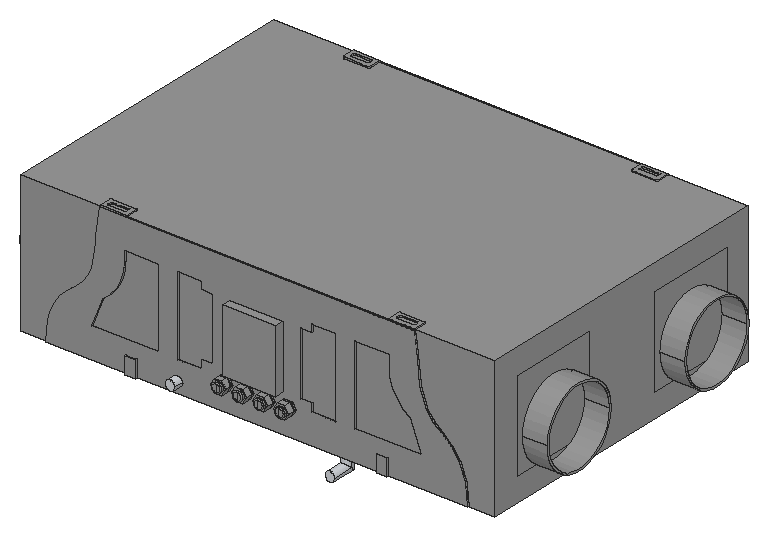
Revit family "KOMFORT EC D5B", category Mechanical Equipment, Revit 2021
Family settings
  Round Connector Dimension = Use Diameter
  Classification = None
  Part Type = Normal
  Work Plane-Based = No
  Always vertical = Yes
  Cut with Voids When Loaded = No
  Shared = No
  Room Calculation Point = No
Parameters (values of type "KOMFORT EC D5B 180 S21")
  Width = B  # 600 mm
  Weight = 14.00 kg
  Temperature of moving air = "-25…+40°С"  # constant formula
  Sound pressure level at 3 m distance = "33 dBA"
  Length = L  # 900 mm
  Height = H  # 264 mm
  Filter = "G4/G4, G7"
  Diameter = D  # 150 mm
  Default Elevation = 0 mm
  Manufacturer = "Blauberg"  # constant formula
  l6 = 137 mm
  l5 = 137 mm
  l4 = 154 mm
  l3 = 154 mm
  l22 = 144 mm
  l2 = 137 mm
  l = 50 mm  # constant formula
  h1 = 0 mm
  h = -H / 2  # -132 mm
  Voltage = 230 V
  URL = "https://blaubergventilatoren.de/en/product/komfort-ec-d5b180-e-s21#downloads"
  Pressure_Static_Air [instance] = 0.0 m³/h
  Power = 87 W
  Number of Fase = 1
  Maximum Air Flow = 220.0 m³/h
  Maintenance zone material = none
  Load Classification = "HVAC"
  l222 = 137 mm
  L = 900 mm
  H = 264 mm
  E = yes
  Dy = D - 5 mm  # 145 mm
  D = 150 mm
  Casing Material = Polypropylene (black)
  B = 600 mm
  Apparent Load = Voltage * Amperage  # 163.3 VA
  Amperage = 0.71 A
  Air Flow [instance] = 0.0 m³/h
  A = 500 mm
  09_System_Name [instance] = ""
  00_20_Type = "KOMFORT EC D5B 180 S21"
  00_20_Name = "Air hAndling unit"
  00_20_Manufacturer = "Blauberg"  # constant formula
Types (3, lengths in mm): name | l4 | l3 | E | 00_20_Type
  (no name) | 154 | 154 | yes | "KOMFORT EC D5B 180 S21"
  KOMFORT EC D5B 180 S21 | 154 | 154 | yes | "KOMFORT EC D5B 180 S21"
  KOMFORT EC D5B 180-E S21 | 132 | 132 | no | "KOMFORT EC D5B 180-E S21"
Reference planes
  plane 1 "По центру (Вперед/Назад)": y = 0
  plane 2: z = 0
  plane 3 "По центру (Влево/Вправо)": x = 0
  plane 4: y = 300
  plane 5: y = -300
  plane 6: x = 450
  plane 7: x = -450
  plane 8 "1": x = 151
Forms (mm)
  Extrusion 1, solid, material "Polypropylene (black)" <- "Casing Material"
    sketch origin (0, 0, 0) x (1, 0, 0) y (0, 1, 0)
      loop
        line (-450, 300) -> (-450, -300) -> (450, -300) -> (450, 300) -> (-450, 300)
    from -264 to 0
  Extrusion 2, solid, material "Сталь, гальванизированная"
    sketch origin (0, -182.221, 9.797) x (0, 1, 0) y (0, 0, 1)
      loop
        circle (345.221, -163.797) r 75
      loop
        circle (345.221, -163.797) r 72.5
    from -500 to -450
  Extrusion 3, solid, material "Сталь, гальванизированная"
    sketch origin (0, -542.221, 9.797) x (0, 1, 0) y (0, 0, 1)
      loop
        circle (379.221, -163.797) r 75
      loop
        circle (379.221, -163.797) r 72.5
    from -500 to -450
  Extrusion 4, solid, material "Сталь, гальванизированная"
    sketch origin (0, -182.221, 9.797) x (0, 1, 0) y (0, 0, -1)
      loop
        circle (345.221, 163.797) r 75
      loop
        circle (345.221, 163.797) r 72.5
    from -500 to -450
  Extrusion 5, solid, material "Сталь, гальванизированная"
    sketch origin (0, -542.221, 9.797) x (0, 1, 0) y (0, 0, -1)
      loop
        circle (379.221, 163.797) r 75
      loop
        circle (379.221, 163.797) r 72.5
    from -500 to -450
  Extrusion 6, solid, material "Сталь, гальванизированная"
    sketch origin (0, 0, 0) x (0, 1, 0) y (0, 0, 1)
      loop
        line (302, -234) -> (302, -264) -> (-302, -264) -> (-302, -234) -> (-304, -234) -> (-304, -266) -> (304, -266) -> (304, -234) -> (302, -234)
    from 228.7 to 248.66
  Extrusion 7, solid, material "Сталь, гальванизированная"
    sketch origin (0, 0, 0) x (0, 1, 0) y (0, 0, -1)
      loop
        line (302, 234) -> (304, 234) -> (304, 266) -> (-304, 266) -> (-304, 234) -> (-302, 234) -> (-302, 264) -> (302, 264) -> (302, 234)
    from 228.7 to 248.66
  Extrusion 8, solid, material "Сталь, гальванизированная"
    sketch origin (0, 0, 0) x (1, 0, 0) y (0, 0, 1)
      loop
        line (50, -191.612) -> (50, -71.612) -> (-50, -71.612) -> (-50, -191.612) -> (50, -191.612)
    from 300 to 320
  Extrusion 9, solid, material "Сталь, гальванизированная"
    sketch origin (0, 0, 0) x (0, 1, 0) y (0, 0, 1)
      loop
        line (248, -217) -> (248, -47) -> (78, -47) -> (78, -217) -> (248, -217)
      loop
        line (-78, -217) -> (-78, -47) -> (-248, -47) -> (-248, -217) -> (-78, -217)
    from 450 to 451
  Extrusion 10, solid, material "Сталь, гальванизированная"
    sketch origin (0, 0, 0) x (0, 1, 0) y (0, 0, -1)
      loop
        line (248, 217) -> (78, 217) -> (78, 47) -> (248, 47) -> (248, 217)
      loop
        line (-78, 217) -> (-248, 217) -> (-248, 47) -> (-78, 47) -> (-78, 217)
    from 450 to 451
  Extrusion 11, solid, visible <- "E"
    sketch origin (0, 0, 0) x (1, 0, 0) y (0, 0, 1)
      loop
        circle (-151, -244) r 9
    from 300 to 318.75
  Sweep 12, solid, visible <- "E"
    path origin (151, 0, 0) x (0, 0, -1) y (0, -1, 0)
      loop
        line (266, 276.555) -> (294, 276.555) -> (294, 316.555)
    profile origin (151, -276.555, -280) x (-1, 0, 0) y (0, -1, 0)
      loop
        circle (0, 0) r 9
Text (mm)
  text "Улица" at (-1513.225, 249.998, 0), in view "Reference level"
  text "Помещение" at (1546.775, 249.998, 0), in view "Reference level"
Dimensions and locks
  equal spacing: plane 7, plane 3 "По центру (Влево/Вправо)", plane 6
  "L": plane 7 to plane 6
  equal spacing: plane 4, plane 1 "По центру (Вперед/Назад)", plane 5
  "B": plane 4 to plane 5
  "H": level to Extrusion 1
  "l222": Extrusion 3 sketch curve to plane 5
  "l3": Extrusion 1 to Extrusion 3 sketch curve
  "l4": Extrusion 1 to Extrusion 2 sketch curve
  "l5": plane 4 to Extrusion 2 sketch curve
  "l": Extrusion 2 to plane 7
  "l": Extrusion 3 to plane 7
  "l3": Extrusion 5 sketch curve to Extrusion 1
  "l2": plane 5 to Extrusion 5 sketch curve
  "l4": Extrusion 1 to Extrusion 4 sketch curve
  "l6": Extrusion 4 sketch curve to plane 4
  "l": plane 6 to Extrusion 4
  "l": plane 6 to Extrusion 5
  "h1": level to Extrusion 1
  Extrusion 6 to Extrusion 6 = 19.96 mm
  locked: Extrusion 8 to plane 5 at 20
  locked: plane 6 to Extrusion 9 at 1
  locked: plane 3 "По центру (Влево/Вправо)" to plane 8 "1" at 151
  "D": diameter of Extrusion 2 sketch curve
  "D": diameter of Extrusion 3 sketch curve
  "D": diameter of Extrusion 4 sketch curve
  "D": diameter of Extrusion 5 sketch curve
  "Dy": diameter of Extrusion 2 sketch curve
  "Dy": diameter of Extrusion 3 sketch curve
  "Dy": diameter of Extrusion 5 sketch curve
  "Dy": diameter of Extrusion 4 sketch curve
  aligned and locked: level to plane 2
  aligned and locked: Extrusion 1 sketch curve to plane 4
  aligned and locked: Extrusion 1 sketch curve to plane 7
  aligned and locked: plane 5 to Extrusion 1 sketch curve
  aligned and locked: plane 6 to Extrusion 1 sketch curve
  aligned and locked: Extrusion 3 to plane 7
  aligned and locked: Extrusion 2 to plane 7
  aligned and locked: plane 6 to Extrusion 4
  aligned and locked: plane 6 to Extrusion 5
  aligned and locked: plane 3 "По центру (Влево/Вправо)" to nested 1
  aligned and locked: nested 1 to plane 5
  aligned and locked: nested 2 to plane 4
  aligned and locked: nested 2 to plane 3 "По центру (Влево/Вправо)"
  aligned and locked: Extrusion 6 to nested 2
  aligned and locked: nested 2 to Extrusion 7
  aligned and locked: plane 5 to Extrusion 8
  aligned and locked: nested 3 to plane 5
  aligned and locked: plane 6 to Extrusion 9
  aligned and locked: Extrusion 10 to plane 7
  aligned and locked: plane 5 to Extrusion 11
Automatic sketch dimensions
  Extrusion 6 sketch curve to plane 5 = 4 mm
  Extrusion 6 sketch curve to plane 5 = 2 mm
  plane 4 to Extrusion 6 sketch curve = 2 mm
  Extrusion 6 sketch curve to Extrusion 6 sketch curve = 2 mm  (x2)
  Extrusion 6 sketch curve to level = 266 mm
  Extrusion 6 sketch curve to Extrusion 6 sketch curve = 30 mm  (x2)
  Extrusion 7 sketch curve to plane 5 = 4 mm
  Extrusion 7 sketch curve to plane 5 = 2 mm
  plane 4 to Extrusion 7 sketch curve = 2 mm
  Extrusion 7 sketch curve to Extrusion 7 sketch curve = 2 mm  (x2)
  Extrusion 7 sketch curve to level = 234 mm  (x2)
  Extrusion 7 sketch curve to Extrusion 7 sketch curve = 30 mm
  Extrusion 8 sketch curve to plane 3 "По центру (Влево/Вправо)" = 50 mm
  plane 3 "По центру (Влево/Вправо)" to Extrusion 8 sketch curve = 50 mm
  Extrusion 8 sketch curve to level = 191.612 mm
  Extrusion 8 sketch curve to level = 71.612 mm
  plane 5 to Extrusion 9 sketch curve = 52 mm
  plane 1 "По центру (Вперед/Назад)" to Extrusion 9 sketch curve = 78 mm
  Extrusion 9 sketch curve to plane 1 "По центру (Вперед/Назад)" = 78 mm
  Extrusion 9 sketch curve to plane 4 = 52 mm
  Extrusion 9 sketch curve to level = 217 mm  (x2)
  Extrusion 9 sketch curve to level = 47 mm  (x2)
  Extrusion 11 sketch curve to plane 3 "По центру (Влево/Вправо)" = 151 mm
  Extrusion 11 sketch curve to level = 244 mm
  plane 5 to Sweep 12 sketch curve = 23.445 mm
  Sweep 12 sketch curve to level = 266 mm
  Sweep 12 sketch curve to Sweep 12 sketch curve = 28 mm
  Sweep 12 sketch curve to plane 5 = 16.555 mm
  Sweep 12 sketch curve to plane 8 "1" = 0 mm
  Sweep 12 sketch curve to profile plane = 0 mm
  plane 5 to Extrusion 10 sketch curve = 52 mm
  plane 1 "По центру (Вперед/Назад)" to Extrusion 10 sketch curve = 78 mm
  Extrusion 10 sketch curve to plane 1 "По центру (Вперед/Назад)" = 78 mm
  Extrusion 10 sketch curve to plane 4 = 52 mm
  Extrusion 10 sketch curve to level = 47 mm  (x2)
  Extrusion 10 sketch curve to Extrusion 10 sketch curve = 170 mm
  Extrusion 10 sketch curve to Extrusion 10 sketch curve = 0 mm
  Extrusion 2 sketch curve to Extrusion 2 sketch curve = 0 mm  (x2)
  Extrusion 3 sketch curve to Extrusion 3 sketch curve = 0 mm  (x2)
  Extrusion 4 sketch curve to Extrusion 4 sketch curve = 0 mm  (x2)
  Extrusion 5 sketch curve to Extrusion 5 sketch curve = 0 mm  (x2)
  radius of Extrusion 11 sketch curve = 9 mm
  radius of Sweep 12 sketch curve = 9 mm
Nested families
  nested 1: "onlay" at (0, -300, 0), type "onlay"
  nested 2: "onlay" at (0, 300, 0), type "onlay"
  nested 3: "Сonnector" at (20, -300, -214.5) x (0, 0, 1) z (0, -1, 0), type "24"
  nested 4: "Сonnector" at (60, -300, -214.5) x (0, 0, 1) z (0, -1, 0), type "24"
  nested 5: "Сonnector" at (-20, -300, -214.5) x (0, 0, 1) z (0, -1, 0), type "24"
  nested 6: "Сonnector" at (-60, -300, -214.5) x (0, 0, 1) z (0, -1, 0), type "24"
Connectors
  hvac at (-500, -163, -154), driven by "D"
    settings: on Extrusion 3, index 1, duct flow 0.0 m³/h, flow factor 0, pres drop 0.0 Pa, loss coef 0, conn angle 0.00°, conn width 304.8 mm, conn height 304.8 mm, conn diameter 150 mm, duct sys type 4, conn prof type 0, flow config 0, flow direction 0, loss method 0, conn ref index -1, conn util no, is conn primary yes, conn desc ""
  hvac at (-500, 163, -154), driven by "D"
    settings: on Extrusion 2, index 2, duct flow 0.0 m³/h, flow factor 0, pres drop 0.0 Pa, loss coef 0, conn angle 0.00°, conn width 304.8 mm, conn height 304.8 mm, conn diameter 150 mm, duct sys type 4, conn prof type 0, flow config 0, flow direction 0, loss method 0, conn ref index -1, conn util no, is conn primary no, conn desc ""
  hvac at (500, -163, -154), driven by "D"
    settings: on Extrusion 5, index 3, duct flow 0.0 m³/h, flow factor 0, pres drop 0.0 Pa, loss coef 0, conn angle 0.00°, conn width 304.8 mm, conn height 304.8 mm, conn diameter 150 mm, duct sys type 4, conn prof type 0, flow config 0, flow direction 0, loss method 0, conn ref index -1, conn util no, is conn primary no, conn desc ""
  hvac at (500, 163, -154), driven by "D"
    settings: on Extrusion 4, index 4, duct flow 0.0 m³/h, flow factor 0, pres drop 0.0 Pa, loss coef 0, conn angle 0.00°, conn width 304.8 mm, conn height 304.8 mm, conn diameter 150 mm, duct sys type 4, conn prof type 0, flow config 0, flow direction 0, loss method 0, conn ref index -1, conn util no, is conn primary no, conn desc ""
  electrical at (-20, -303.75, -214.5), driven by "Voltage", driven by "Apparent Load"
    settings: on nested 5, index 7, voltage 230 V, apparent load 163.3 VA, apparent load phase1 0 VA, apparent load phase2 0 VA, apparent load phase3 0 VA, power factor 1, load classification "Мощность", number of poles 1, system type 30, power factor state 1, is connector primary yes, connector utility no, sub classification motor no, connector description ""
  piping at (151, -316.555, -294), diameter 19
    settings: on Sweep 12, index 8, connector inside diameter 609.6 mm, connector length 0 mm, flow factor 0, pipe flow 0.0 L/s, pressure drop 0.0 Pa, fitting loss kfactor 0, connector angle 0.00°, fixture units 0, engagement length 0 mm, angle of deflection 0.00°, flow configuration 0, flow direction 0, fitting loss method 0, system type 19, joint type 0, gender type 0, connector reference index -1, connector utility 0, adjustable connector no, is connector primary yes, connector description ""
  piping at (-151, -318.75, -244), diameter 19
    settings: on Extrusion 11, index 9, connector inside diameter 609.6 mm, connector length 0 mm, flow factor 0, pipe flow 0.0 L/s, pressure drop 0.0 Pa, fitting loss kfactor 0, connector angle 0.00°, fixture units 0, engagement length 0 mm, angle of deflection 0.00°, flow configuration 0, flow direction 0, fitting loss method 0, system type 19, joint type 0, gender type 0, connector reference index -1, connector utility 0, adjustable connector no, is connector primary no, connector description ""
Definition of nested family "onlay"
  Parameters
    Default Elevation = 0 mm
  Reference planes
    plane 1 "По центру (Вперед/Назад)": y = 0
    plane 2: z = 0
    plane 3 "По центру (Влево/Вправо)": x = 0
  Forms (mm)
    Extrusion 1, solid
      sketch origin (0, 0, 0) x (1, 0, 0) y (0, 0, 1)
        loop
          spline (-298.66, 0) -> (-302.431, -25.406) -> (-304.881, -50.914) -> (-307.337, -75.574) -> (-311.13, -98.439) -> (-317.587, -118.562) -> (-327.969, -135.068) -> (-341.97, -148.775) -> (-357.735, -162.175) -> (-373.343, -177.833) -> (-386.871, -198.313) -> (-396.397, -226.181) -> (-400, -264)
          line (-400, -264) -> (400, -264)
          spline (400, -264) -> (396.397, -226.181) -> (386.871, -198.313) -> (373.343, -177.833) -> (357.735, -162.175) -> (341.97, -148.775) -> (327.969, -135.068) -> (317.587, -118.562) -> (311.13, -98.439) -> (307.337, -75.574) -> (304.881, -50.914) -> (302.431, -25.406) -> (298.66, 0)
          line (298.66, 0) -> (-298.66, 0)
        loop
          line (-185.861, -57) -> (-251.16, -57) -> (-251.16, -77.315)
          arc (-251.16, -77.315) -> (-261.818, -119.562) -> (-291.241, -151.698) r 89.062
          line (-291.241, -151.698) -> (-313.361, -207) -> (-185.861, -207) -> (-185.861, -57)
        loop
          line (-150.109, -57) -> (-150.109, -207) -> (-104.052, -207) -> (-104.052, -191.612) -> (-84.052, -191.612) -> (-84.052, -71.612) -> (-104.052, -71.612) -> (-104.052, -57) -> (-150.109, -57)
        loop
          line (185.861, -57) -> (185.861, -207) -> (313.361, -207) -> (291.241, -151.698)
          arc (291.241, -151.698) -> (261.818, -119.562) -> (251.16, -77.315) r 89.062
          line (251.16, -77.315) -> (251.16, -57) -> (185.861, -57)
        loop
          line (150.109, -57) -> (104.052, -57) -> (104.052, -71.612) -> (84.052, -71.612) -> (84.052, -191.612) -> (104.052, -191.612) -> (104.052, -207) -> (150.109, -207) -> (150.109, -57)
      from 0 to 2
    Extrusion 2, solid
      sketch origin (0, 0, 0) x (1, 0, 0) y (0, 1, 0)
        loop
          line (-298.66, 0) -> (-248.66, 0) -> (-248.66, 22)
          arc (-248.66, 22) -> (-249.539, 24.121) -> (-251.66, 25) r 3
          line (-251.66, 25) -> (-295.66, 25)
          arc (-295.66, 25) -> (-297.781, 24.121) -> (-298.66, 22) r 3
          line (-298.66, 22) -> (-298.66, 0)
        loop
          line (-258.66, 18) -> (-288.66, 18)
          arc (-288.66, 18) -> (-290.781, 17.121) -> (-291.66, 15) r 3
          line (-291.66, 15) -> (-291.66, 10)
          arc (-291.66, 10) -> (-290.781, 7.879) -> (-288.66, 7) r 3
          line (-288.66, 7) -> (-258.66, 7)
          arc (-258.66, 7) -> (-256.539, 7.879) -> (-255.66, 10) r 3
          line (-255.66, 10) -> (-255.66, 15)
          arc (-255.66, 15) -> (-256.539, 17.121) -> (-258.66, 18) r 3
      from 0 to 2
    Extrusion 3, solid
      sketch origin (0, 0, 0) x (-1, 0, 0) y (0, -1, 0)
        loop
          line (-298.66, 0) -> (-298.66, -22)
          arc (-298.66, -22) -> (-297.781, -24.121) -> (-295.66, -25) r 3
          line (-295.66, -25) -> (-251.66, -25)
          arc (-251.66, -25) -> (-249.539, -24.121) -> (-248.66, -22) r 3
          line (-248.66, -22) -> (-248.66, 0) -> (-298.66, 0)
        loop
          arc (-258.66, -18) -> (-256.539, -17.121) -> (-255.66, -15) r 3
          line (-255.66, -15) -> (-255.66, -10)
          arc (-255.66, -10) -> (-256.539, -7.879) -> (-258.66, -7) r 3
          line (-258.66, -7) -> (-288.66, -7)
          arc (-288.66, -7) -> (-290.781, -7.879) -> (-291.66, -10) r 3
          line (-291.66, -10) -> (-291.66, -15)
          arc (-291.66, -15) -> (-290.781, -17.121) -> (-288.66, -18) r 3
          line (-288.66, -18) -> (-258.66, -18)
      from 0 to 2
    Extrusion 4, solid
      sketch origin (0, 0, -264) x (0, -1, 0) y (1, 0, 0)
        loop
          line (0, -298.66) -> (0, -248.66) -> (-22, -248.66)
          arc (-22, -248.66) -> (-24.121, -249.539) -> (-25, -251.66) r 3
          line (-25, -251.66) -> (-25, -295.66)
          arc (-25, -295.66) -> (-24.121, -297.781) -> (-22, -298.66) r 3
          line (-22, -298.66) -> (0, -298.66)
        loop
          line (-18, -258.66) -> (-18, -288.66)
          arc (-18, -288.66) -> (-17.121, -290.781) -> (-15, -291.66) r 3
          line (-15, -291.66) -> (-10, -291.66)
          arc (-10, -291.66) -> (-7.879, -290.781) -> (-7, -288.66) r 3
          line (-7, -288.66) -> (-7, -258.66)
          arc (-7, -258.66) -> (-7.879, -256.539) -> (-10, -255.66) r 3
          line (-10, -255.66) -> (-15, -255.66)
          arc (-15, -255.66) -> (-17.121, -256.539) -> (-18, -258.66) r 3
      from 0 to 2
    Extrusion 5, solid
      sketch origin (0, 0, -264) x (0, 1, 0) y (-1, 0, 0)
        loop
          line (0, -298.66) -> (22, -298.66)
          arc (22, -298.66) -> (24.121, -297.781) -> (25, -295.66) r 3
          line (25, -295.66) -> (25, -251.66)
          arc (25, -251.66) -> (24.121, -249.539) -> (22, -248.66) r 3
          line (22, -248.66) -> (0, -248.66) -> (0, -298.66)
        loop
          arc (18, -258.66) -> (17.121, -256.539) -> (15, -255.66) r 3
          line (15, -255.66) -> (10, -255.66)
          arc (10, -255.66) -> (7.879, -256.539) -> (7, -258.66) r 3
          line (7, -258.66) -> (7, -288.66)
          arc (7, -288.66) -> (7.879, -290.781) -> (10, -291.66) r 3
          line (10, -291.66) -> (15, -291.66)
          arc (15, -291.66) -> (17.121, -290.781) -> (18, -288.66) r 3
          line (18, -288.66) -> (18, -258.66)
      from 0 to 2
  Dimensions and locks
    aligned and locked: level to plane 2
  Automatic sketch dimensions
    Extrusion 1 sketch curve to level = 0 mm
    Extrusion 1 sketch curve to plane 3 "По центру (Влево/Вправо)" = 400 mm
    Extrusion 1 sketch curve to level = 77.315 mm  (x2)
    Extrusion 1 sketch curve to Extrusion 1 sketch curve = 59.778 mm
    Extrusion 1 sketch curve to Extrusion 1 sketch curve = 86.639 mm  (x2)
    Extrusion 1 sketch curve to Extrusion 1 sketch curve = 41.562 mm
    Extrusion 1 sketch curve to Extrusion 1 sketch curve = 22.121 mm  (x2)
    Extrusion 1 sketch curve to Extrusion 1 sketch curve = 47.5 mm  (x2)
    Extrusion 1 sketch curve to Extrusion 1 sketch curve = 105.379 mm
    Extrusion 1 sketch curve to Extrusion 1 sketch curve = 35.753 mm  (x2)
    Extrusion 1 sketch curve to Extrusion 1 sketch curve = 46.057 mm  (x3)
    Extrusion 1 sketch curve to Extrusion 1 sketch curve = 20 mm  (x3)
    plane 3 "По центру (Влево/Вправо)" to Extrusion 1 sketch curve = 84.052 mm
    Extrusion 1 sketch curve to Extrusion 1 sketch curve = 65.299 mm
    Extrusion 1 sketch curve to level = 151.698 mm
    Extrusion 1 sketch curve to Extrusion 1 sketch curve = 40.081 mm
    Extrusion 1 sketch curve to level = 191.612 mm
    Extrusion 1 sketch curve to Extrusion 1 sketch curve = 114.297 mm
    Extrusion 1 sketch curve to Extrusion 1 sketch curve = 15.388 mm  (x2)
    Extrusion 1 sketch curve to Extrusion 1 sketch curve = 0 mm
    Extrusion 1 sketch curve to Extrusion 1 sketch curve = 55.302 mm
    Extrusion 1 sketch curve to Extrusion 1 sketch curve = 57 mm
    Extrusion 1 sketch curve to level = 71.612 mm  (x2)
    Extrusion 1 sketch curve to Extrusion 1 sketch curve = 20.315 mm  (x2)
    Extrusion 1 sketch curve to Extrusion 1 sketch curve = 14.612 mm  (x2)
    plane 1 "По центру (Вперед/Назад)" to Extrusion 2 sketch curve = 0 mm
    Extrusion 2 sketch curve to plane 1 "По центру (Вперед/Назад)" = 22 mm
    Extrusion 2 sketch curve to plane 3 "По центру (Влево/Вправо)" = 298.66 mm
    Extrusion 2 sketch curve to Extrusion 2 sketch curve = 3 mm  (x4)
    Extrusion 2 sketch curve to Extrusion 2 sketch curve = 7 mm
    Extrusion 2 sketch curve to plane 1 "По центру (Вперед/Назад)" = 7 mm
    Extrusion 2 sketch curve to Extrusion 2 sketch curve = 30 mm
    Extrusion 2 sketch curve to Extrusion 2 sketch curve = 0 mm  (x2)
    Extrusion 2 sketch curve to Extrusion 2 sketch curve = 4 mm
    Extrusion 2 sketch curve to Extrusion 2 sketch curve = 10 mm
    Extrusion 2 sketch curve to Extrusion 2 sketch curve = 5 mm
    plane 1 "По центру (Вперед/Назад)" to Extrusion 3 sketch curve = 0 mm
    Extrusion 3 sketch curve to plane 1 "По центру (Вперед/Назад)" = 22 mm
    plane 3 "По центру (Влево/Вправо)" to Extrusion 3 sketch curve = 298.66 mm
    Extrusion 3 sketch curve to Extrusion 3 sketch curve = 3 mm  (x4)
    Extrusion 3 sketch curve to Extrusion 3 sketch curve = 7 mm
    Extrusion 3 sketch curve to plane 1 "По центру (Вперед/Назад)" = 7 mm
    Extrusion 3 sketch curve to Extrusion 3 sketch curve = 30 mm
    Extrusion 3 sketch curve to Extrusion 3 sketch curve = 0 mm
    Extrusion 3 sketch curve to Extrusion 3 sketch curve = 4 mm
    Extrusion 3 sketch curve to Extrusion 3 sketch curve = 10 mm
    Extrusion 3 sketch curve to Extrusion 3 sketch curve = 8 mm
    plane 1 "По центру (Вперед/Назад)" to Extrusion 4 sketch curve = 0 mm
    Extrusion 4 sketch curve to plane 1 "По центру (Вперед/Назад)" = 7 mm
    Extrusion 4 sketch curve to Extrusion 4 sketch curve = 3 mm  (x4)
    Extrusion 4 sketch curve to Extrusion 4 sketch curve = 5 mm  (x2)
    Extrusion 4 sketch curve to Extrusion 4 sketch curve = 4 mm  (x2)
    Extrusion 4 sketch curve to Extrusion 4 sketch curve = 7 mm  (x2)
    Extrusion 4 sketch curve to plane 3 "По центру (Влево/Вправо)" = 298.66 mm
    Extrusion 4 sketch curve to Extrusion 4 sketch curve = 30 mm
    Extrusion 4 sketch curve to Extrusion 4 sketch curve = 0 mm
    plane 1 "По центру (Вперед/Назад)" to Extrusion 5 sketch curve = 0 mm
    Extrusion 5 sketch curve to plane 1 "По центру (Вперед/Назад)" = 7 mm
    Extrusion 5 sketch curve to Extrusion 5 sketch curve = 3 mm  (x4)
    Extrusion 5 sketch curve to Extrusion 5 sketch curve = 5 mm  (x2)
    Extrusion 5 sketch curve to Extrusion 5 sketch curve = 7 mm  (x3)
    plane 3 "По центру (Влево/Вправо)" to Extrusion 5 sketch curve = 298.66 mm
    Extrusion 5 sketch curve to Extrusion 5 sketch curve = 30 mm
    Extrusion 5 sketch curve to Extrusion 5 sketch curve = 4 mm
Definition of nested family "Сonnector"
  Parameters (values of type "32")
    Default Elevation = 0 mm
    r1 = r / 1.3333  # 12 mm
    r = 16 mm
    h3 = H / 3.2  # 10 mm
    h1 = H / 1.28  # 25 mm
    h4 = H / 6.4  # 5 mm
    H = 32 mm
    A = 2 * r * tan(30.00°)  # 18.475 mm
  Types (3, lengths in mm): name | r1 | r | h3 | h1 | h4 | H | A
    32 | 12 | 16 | 10 | 25 | 5 | 32 | 18.475
    24 | 9 | 12 | 7.5 | 18.75 | 3.75 | 24 | 13.856
    16 | 6 | 8 | 5 | 12.5 | 2.5 | 16 | 9.238
  Reference planes
    plane 1 "По центру (Вперед/Назад)": y = 0
    plane 2: z = 0
    plane 3 "По центру (Влево/Вправо)": x = 0
  Forms (mm)
    Extrusion 1, solid
      sketch origin (-129.783, 0, -1.583) x (-1, 0, 0) y (0, -1, 0)
        loop
          line (-129.783, -18.475) -> (-113.783, -9.238) -> (-113.783, 9.238) -> (-129.783, 18.475) -> (-145.783, 9.238) -> (-145.783, -9.238) -> (-129.783, -18.475)
      from 1.583 to 6.583
    Extrusion 2, solid
      sketch origin (-129.783, 0, 0) x (-1, 0, 0) y (0, -1, 0)
        loop
          circle (-129.783, 0) r 12
      from 5 to 10
    Extrusion 3, solid
      sketch origin (-129.783, 0, 14.25) x (-1, 0, 0) y (0, -1, 0)
        loop
          line (-129.783, -18.475) -> (-113.783, -9.238) -> (-113.783, 9.238) -> (-129.783, 18.475) -> (-145.783, 9.238) -> (-145.783, -9.238) -> (-129.783, -18.475)
      from -4.25 to 10.75
    Revolve 4, solid
      sketch origin (-129.783, 0, -5.678) x (-1, 0, 0) y (0, 0, -1)
        loop
          line (-117.783, -30.678) -> (-129.783, -30.678) -> (-129.783, -37.678) -> (-118.783, -37.678)
          arc (-118.783, -37.678) -> (-118.076, -37.385) -> (-117.783, -36.678) r 1
          line (-117.783, -36.678) -> (-117.783, -30.678)
        axis (-129.783, -37.678) -> (-129.783, -30.678)
      angle from 0 to 360
  Dimensions and locks
    "A": Extrusion 3 sketch curve to Extrusion 3 sketch curve  (x6)
    equal spacing: Extrusion 3 sketch curve, plane 1 "По центру (Вперед/Назад)", Extrusion 3 sketch curve  (x2)
    "A": Extrusion 3 sketch curve to plane 1 "По центру (Вперед/Назад)" to Extrusion 3 sketch curve
    "A": Extrusion 1 sketch curve to Extrusion 1 sketch curve  (x6)
    "A": Extrusion 1 sketch curve to plane 1 "По центру (Вперед/Назад)" to Extrusion 1 sketch curve
    "r1": plane 3 "По центру (Влево/Вправо)" to Revolve 4 sketch curve
    "H": level to Revolve 4 sketch curve
    "h1": level to Extrusion 3
    "h3": level to Extrusion 3
    "h1": level to Revolve 4 sketch curve
    "h3": level to Extrusion 2
    "h4": level to Extrusion 2
    "h4": level to Extrusion 1
    "r1": radius of Extrusion 2 sketch curve
    aligned and locked: level to plane 2
    aligned and locked: Extrusion 1 to Extrusion 2
    aligned and locked: Extrusion 1 to level
    aligned and locked: Extrusion 3 to Extrusion 2
  Automatic sketch dimensions
    Extrusion 1 sketch curve to plane 3 "По центру (Влево/Вправо)" = 0 mm  (x2)
    plane 1 "По центру (Вперед/Назад)" to Extrusion 2 sketch curve = 0 mm
    Extrusion 2 sketch curve to plane 3 "По центру (Влево/Вправо)" = 0 mm
    Extrusion 3 sketch curve to plane 3 "По центру (Влево/Вправо)" = 0 mm
    Revolve 4 sketch curve to plane 3 "По центру (Влево/Вправо)" = 0 mm  (x2)
    Revolve 4 sketch curve to Revolve 4 sketch curve = 1 mm
    level to Revolve 4 sketch curve = 1.702 mm
    Revolve 4 sketch curve to level = 6.18 mm
